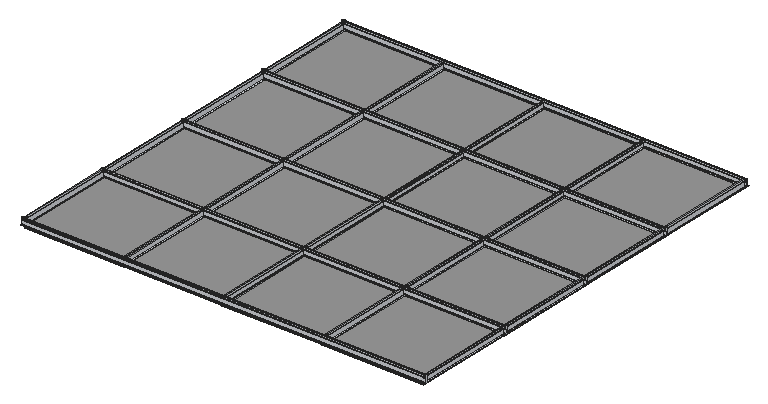
Revit family "GRD-TLE-001_RFA", category Modelos genéricos, Revit 2022
Family settings
  Puede alojar armadura = No
  Cota de conector redondo = Diámetro de uso
  Tipo de pieza = Normal
  Se basa en plano de trabajo = No
  Siempre vertical = Sí
  Corte con vacíos al cargar = No
  Mantener orientación de anotación = No
  Compartido = No
  Punto de cálculo de habitación = No
Parameters
  Elevación por defecto = 0.00"
Reference planes (in)
  plane 1 "Centro (Frontal/Posterior)": y = 0
  plane 2: z = 0
  plane 3 "Centro (Izquierda/Derecha)": x = 0
Forms (in)
  Extrusion 1, solid, not visible
    sketch origin (0, 0, 0) x (1, 0, 0) y (0, 1, 0)
      loop
        line (0, 2.25) -> (0, 0) -> (108, 0) -> (108, 2.25) -> (0, 2.25)
    from 0 to 8
  Extrusion 2, solid, not visible
    sketch origin (0, 0, 0) x (1, 0, 0) y (0, 1, 0)
      loop
        line (0, 2.25) -> (0, 0) -> (108, 0) -> (108, 2.25) -> (0, 2.25)
    from 0 to 8
  Extrusion 3, solid, not visible
    sketch origin (0, 8, 0) x (1, 0, 0) y (0, 1, 0)
      loop
        line (0, 2.25) -> (0, 0) -> (108, 0) -> (108, 2.25) -> (0, 2.25)
    from 0 to 8
  Extrusion 4, solid, not visible
    sketch origin (0, 16, 0) x (1, 0, 0) y (0, 1, 0)
      loop
        line (0, 2.25) -> (0, 0) -> (108, 0) -> (108, 2.25) -> (0, 2.25)
    from 0 to 8
  Extrusion 5, solid, not visible
    sketch origin (0, 24, 0) x (1, 0, 0) y (0, 1, 0)
      loop
        line (0, 2.25) -> (0, 0) -> (108, 0) -> (108, 2.25) -> (0, 2.25)
    from 0 to 8
  Extrusion 6, solid, not visible
    sketch origin (0, 32, 0) x (1, 0, 0) y (0, 1, 0)
      loop
        line (0, 2.25) -> (0, 0) -> (108, 0) -> (108, 2.25) -> (0, 2.25)
    from 0 to 8
  Extrusion 7, solid, not visible
    sketch origin (0, 40, 0) x (1, 0, 0) y (0, 1, 0)
      loop
        line (0, 2.25) -> (0, 0) -> (108, 0) -> (108, 2.25) -> (0, 2.25)
    from 0 to 8
  Extrusion 8, solid, not visible
    sketch origin (0, 48, 0) x (1, 0, 0) y (0, 1, 0)
      loop
        line (0, 2.25) -> (0, 0) -> (108, 0) -> (108, 2.25) -> (0, 2.25)
    from 0 to 8
  Extrusion 9, solid, not visible
    sketch origin (0, 56, 0) x (1, 0, 0) y (0, 1, 0)
      loop
        line (0, 2.25) -> (0, 0) -> (108, 0) -> (108, 2.25) -> (0, 2.25)
    from 0 to 8
  Extrusion 10, solid, not visible
    sketch origin (0, 64, 0) x (1, 0, 0) y (0, 1, 0)
      loop
        line (0, 2.25) -> (0, 0) -> (108, 0) -> (108, 2.25) -> (0, 2.25)
    from 0 to 8
  Extrusion 11, solid, not visible
    sketch origin (0, 72, 0) x (1, 0, 0) y (0, 1, 0)
      loop
        line (0, 2.25) -> (0, 0) -> (108, 0) -> (108, 2.25) -> (0, 2.25)
    from 0 to 8
  Extrusion 12, solid, not visible
    sketch origin (0, 80, 0) x (1, 0, 0) y (0, 1, 0)
      loop
        line (0, 2.25) -> (0, 0) -> (108, 0) -> (108, 2.25) -> (0, 2.25)
    from 0 to 8
  Extrusion 13, solid, not visible
    sketch origin (0, 88, 0) x (1, 0, 0) y (0, 1, 0)
      loop
        line (0, 2.25) -> (0, 0) -> (108, 0) -> (108, 2.25) -> (0, 2.25)
    from 0 to 8
  Extrusion 14, solid, not visible
    sketch origin (0, 96, 0) x (1, 0, 0) y (0, 1, 0)
      loop
        line (0, 2.25) -> (0, 0) -> (108, 0) -> (108, 2.25) -> (0, 2.25)
    from 0 to 8
  Extrusion 15, solid, not visible
    sketch origin (0, 104, 0) x (1, 0, 0) y (0, 1, 0)
      loop
        line (0, 2.25) -> (0, 0) -> (108, 0) -> (108, 2.25) -> (0, 2.25)
    from 0 to 8
  Extrusion 16, solid, not visible
    sketch origin (0, 112, 0) x (1, 0, 0) y (0, 1, 0)
      loop
        line (0, 2.25) -> (0, 0) -> (108, 0) -> (108, 2.25) -> (0, 2.25)
    from 0 to 8
  Extrusion 17, solid, not visible
    sketch origin (0, 120, 0) x (1, 0, 0) y (0, 1, 0)
      loop
        line (0, 2.25) -> (0, 0) -> (108, 0) -> (108, 2.25) -> (0, 2.25)
    from 0 to 8
  Extrusion 18, solid, not visible
    sketch origin (0, 128, 0) x (1, 0, 0) y (0, 1, 0)
      loop
        line (0, 2.25) -> (0, 0) -> (108, 0) -> (108, 2.25) -> (0, 2.25)
    from 0 to 8
  Extrusion 19, solid, not visible
    sketch origin (0, 136, 0) x (1, 0, 0) y (0, 1, 0)
      loop
        line (0, 2.25) -> (0, 0) -> (108, 0) -> (108, 2.25) -> (0, 2.25)
    from 0 to 8
  Extrusion 20, solid, not visible
    sketch origin (0, 144, 0) x (1, 0, 0) y (0, 1, 0)
      loop
        line (0, 2.25) -> (0, 0) -> (108, 0) -> (108, 2.25) -> (0, 2.25)
    from 0 to 8
  Extrusion 21, solid, not visible
    sketch origin (0, 152, 0) x (1, 0, 0) y (0, 1, 0)
      loop
        line (0, 2.25) -> (0, 0) -> (108, 0) -> (108, 2.25) -> (0, 2.25)
    from 0 to 8
  Extrusion 22, solid, not visible
    sketch origin (109, 0, 0) x (1, 0, 0) y (0, 1, 0)
      loop
        line (0, 2.25) -> (0, 0) -> (108, 0) -> (108, 2.25) -> (0, 2.25)
    from 0 to 8
  Extrusion 23, solid, not visible
    sketch origin (109, 8, 0) x (1, 0, 0) y (0, 1, 0)
      loop
        line (0, 2.25) -> (0, 0) -> (108, 0) -> (108, 2.25) -> (0, 2.25)
    from 0 to 8
  Extrusion 24, solid, not visible
    sketch origin (109, 16, 0) x (1, 0, 0) y (0, 1, 0)
      loop
        line (0, 2.25) -> (0, 0) -> (108, 0) -> (108, 2.25) -> (0, 2.25)
    from 0 to 8
  Extrusion 25, solid, not visible
    sketch origin (109, 24, 0) x (1, 0, 0) y (0, 1, 0)
      loop
        line (0, 2.25) -> (0, 0) -> (108, 0) -> (108, 2.25) -> (0, 2.25)
    from 0 to 8
  Extrusion 26, solid, not visible
    sketch origin (109, 32, 0) x (1, 0, 0) y (0, 1, 0)
      loop
        line (0, 2.25) -> (0, 0) -> (108, 0) -> (108, 2.25) -> (0, 2.25)
    from 0 to 8
  Extrusion 27, solid, not visible
    sketch origin (109, 40, 0) x (1, 0, 0) y (0, 1, 0)
      loop
        line (0, 2.25) -> (0, 0) -> (108, 0) -> (108, 2.25) -> (0, 2.25)
    from 0 to 8
  Extrusion 28, solid, not visible
    sketch origin (109, 48, 0) x (1, 0, 0) y (0, 1, 0)
      loop
        line (0, 2.25) -> (0, 0) -> (108, 0) -> (108, 2.25) -> (0, 2.25)
    from 0 to 8
  Extrusion 29, solid, not visible
    sketch origin (109, 56, 0) x (1, 0, 0) y (0, 1, 0)
      loop
        line (0, 2.25) -> (0, 0) -> (108, 0) -> (108, 2.25) -> (0, 2.25)
    from 0 to 8
  Extrusion 30, solid, not visible
    sketch origin (109, 64, 0) x (1, 0, 0) y (0, 1, 0)
      loop
        line (0, 2.25) -> (0, 0) -> (108, 0) -> (108, 2.25) -> (0, 2.25)
    from 0 to 8
  Extrusion 31, solid, not visible
    sketch origin (109, 72, 0) x (1, 0, 0) y (0, 1, 0)
      loop
        line (0, 2.25) -> (0, 0) -> (108, 0) -> (108, 2.25) -> (0, 2.25)
    from 0 to 8
  Extrusion 32, solid, not visible
    sketch origin (109, 80, 0) x (1, 0, 0) y (0, 1, 0)
      loop
        line (0, 2.25) -> (0, 0) -> (108, 0) -> (108, 2.25) -> (0, 2.25)
    from 0 to 8
  Extrusion 33, solid, not visible
    sketch origin (109, 88, 0) x (1, 0, 0) y (0, 1, 0)
      loop
        line (0, 2.25) -> (0, 0) -> (108, 0) -> (108, 2.25) -> (0, 2.25)
    from 0 to 8
  Extrusion 34, solid, not visible
    sketch origin (109, 96, 0) x (1, 0, 0) y (0, 1, 0)
      loop
        line (0, 2.25) -> (0, 0) -> (108, 0) -> (108, 2.25) -> (0, 2.25)
    from 0 to 8
  Extrusion 35, solid, not visible
    sketch origin (109, 104, 0) x (1, 0, 0) y (0, 1, 0)
      loop
        line (0, 2.25) -> (0, 0) -> (108, 0) -> (108, 2.25) -> (0, 2.25)
    from 0 to 8
  Extrusion 36, solid, not visible
    sketch origin (109, 112, 0) x (1, 0, 0) y (0, 1, 0)
      loop
        line (0, 2.25) -> (0, 0) -> (108, 0) -> (108, 2.25) -> (0, 2.25)
    from 0 to 8
  Extrusion 37, solid, not visible
    sketch origin (109, 120, 0) x (1, 0, 0) y (0, 1, 0)
      loop
        line (0, 2.25) -> (0, 0) -> (108, 0) -> (108, 2.25) -> (0, 2.25)
    from 0 to 8
  Extrusion 38, solid, not visible
    sketch origin (109, 128, 0) x (1, 0, 0) y (0, 1, 0)
      loop
        line (0, 2.25) -> (0, 0) -> (108, 0) -> (108, 2.25) -> (0, 2.25)
    from 0 to 8
  Extrusion 39, solid, not visible
    sketch origin (109, 136, 0) x (1, 0, 0) y (0, 1, 0)
      loop
        line (0, 2.25) -> (0, 0) -> (108, 0) -> (108, 2.25) -> (0, 2.25)
    from 0 to 8
  Extrusion 40, solid, not visible
    sketch origin (109, 144, 0) x (1, 0, 0) y (0, 1, 0)
      loop
        line (0, 2.25) -> (0, 0) -> (108, 0) -> (108, 2.25) -> (0, 2.25)
    from 0 to 8
  Extrusion 41, solid, not visible
    sketch origin (109, 152, 0) x (1, 0, 0) y (0, 1, 0)
      loop
        line (0, 2.25) -> (0, 0) -> (108, 0) -> (108, 2.25) -> (0, 2.25)
    from 0 to 8
  Extrusion 42, solid, not visible
    sketch origin (-108, 0, 0) x (1, 0, 0) y (0, 1, 0)
      loop
        line (0, 2.25) -> (0, 0) -> (108, 0) -> (108, 2.25) -> (0, 2.25)
    from 0 to 8
  Extrusion 43, solid, not visible
    sketch origin (-108, 8, 0) x (1, 0, 0) y (0, 1, 0)
      loop
        line (0, 2.25) -> (0, 0) -> (108, 0) -> (108, 2.25) -> (0, 2.25)
    from 0 to 8
  Extrusion 44, solid, not visible
    sketch origin (-108, 16, 0) x (1, 0, 0) y (0, 1, 0)
      loop
        line (0, 2.25) -> (0, 0) -> (108, 0) -> (108, 2.25) -> (0, 2.25)
    from 0 to 8
  Extrusion 45, solid, not visible
    sketch origin (-108, 24, 0) x (1, 0, 0) y (0, 1, 0)
      loop
        line (0, 2.25) -> (0, 0) -> (108, 0) -> (108, 2.25) -> (0, 2.25)
    from 0 to 8
  Extrusion 46, solid, not visible
    sketch origin (-108, 32, 0) x (1, 0, 0) y (0, 1, 0)
      loop
        line (0, 2.25) -> (0, 0) -> (108, 0) -> (108, 2.25) -> (0, 2.25)
    from 0 to 8
  Extrusion 47, solid, not visible
    sketch origin (-108, 40, 0) x (1, 0, 0) y (0, 1, 0)
      loop
        line (0, 2.25) -> (0, 0) -> (108, 0) -> (108, 2.25) -> (0, 2.25)
    from 0 to 8
  Extrusion 48, solid, not visible
    sketch origin (1, 0, 0) x (1, 0, 0) y (0, 1, 0)
      loop
        line (0, 2.25) -> (0, 0) -> (108, 0) -> (108, 2.25) -> (0, 2.25)
    from 0 to 8
  Extrusion 49, solid, not visible
    sketch origin (1, 8, 0) x (1, 0, 0) y (0, 1, 0)
      loop
        line (0, 2.25) -> (0, 0) -> (108, 0) -> (108, 2.25) -> (0, 2.25)
    from 0 to 8
  Extrusion 50, solid, not visible
    sketch origin (1, 16, 0) x (1, 0, 0) y (0, 1, 0)
      loop
        line (0, 2.25) -> (0, 0) -> (108, 0) -> (108, 2.25) -> (0, 2.25)
    from 0 to 8
  Extrusion 51, solid, not visible
    sketch origin (1, 24, 0) x (1, 0, 0) y (0, 1, 0)
      loop
        line (0, 2.25) -> (0, 0) -> (108, 0) -> (108, 2.25) -> (0, 2.25)
    from 0 to 8
  Extrusion 52, solid, not visible
    sketch origin (1, 32, 0) x (1, 0, 0) y (0, 1, 0)
      loop
        line (0, 2.25) -> (0, 0) -> (108, 0) -> (108, 2.25) -> (0, 2.25)
    from 0 to 8
  Extrusion 53, solid, not visible
    sketch origin (1, 40, 0) x (1, 0, 0) y (0, 1, 0)
      loop
        line (0, 2.25) -> (0, 0) -> (108, 0) -> (108, 2.25) -> (0, 2.25)
    from 0 to 8
  Extrusion 54, solid, not visible
    sketch origin (-108, 48, 0) x (1, 0, 0) y (0, 1, 0)
      loop
        line (0, 2.25) -> (0, 0) -> (108, 0) -> (108, 2.25) -> (0, 2.25)
    from 0 to 8
  Extrusion 55, solid, not visible
    sketch origin (-108, 56, 0) x (1, 0, 0) y (0, 1, 0)
      loop
        line (0, 2.25) -> (0, 0) -> (108, 0) -> (108, 2.25) -> (0, 2.25)
    from 0 to 8
  Extrusion 56, solid, not visible
    sketch origin (-108, 64, 0) x (1, 0, 0) y (0, 1, 0)
      loop
        line (0, 2.25) -> (0, 0) -> (108, 0) -> (108, 2.25) -> (0, 2.25)
    from 0 to 8
  Extrusion 57, solid, not visible
    sketch origin (-108, 72, 0) x (1, 0, 0) y (0, 1, 0)
      loop
        line (0, 2.25) -> (0, 0) -> (108, 0) -> (108, 2.25) -> (0, 2.25)
    from 0 to 8
  Extrusion 58, solid, not visible
    sketch origin (-108, 80, 0) x (1, 0, 0) y (0, 1, 0)
      loop
        line (0, 2.25) -> (0, 0) -> (108, 0) -> (108, 2.25) -> (0, 2.25)
    from 0 to 8
  Extrusion 59, solid, not visible
    sketch origin (1, 48, 0) x (1, 0, 0) y (0, 1, 0)
      loop
        line (0, 2.25) -> (0, 0) -> (108, 0) -> (108, 2.25) -> (0, 2.25)
    from 0 to 8
  Extrusion 60, solid, not visible
    sketch origin (1, 56, 0) x (1, 0, 0) y (0, 1, 0)
      loop
        line (0, 2.25) -> (0, 0) -> (108, 0) -> (108, 2.25) -> (0, 2.25)
    from 0 to 8
  Extrusion 61, solid, not visible
    sketch origin (1, 64, 0) x (1, 0, 0) y (0, 1, 0)
      loop
        line (0, 2.25) -> (0, 0) -> (108, 0) -> (108, 2.25) -> (0, 2.25)
    from 0 to 8
  Extrusion 62, solid, not visible
    sketch origin (1, 72, 0) x (1, 0, 0) y (0, 1, 0)
      loop
        line (0, 2.25) -> (0, 0) -> (108, 0) -> (108, 2.25) -> (0, 2.25)
    from 0 to 8
  Extrusion 63, solid, not visible
    sketch origin (1, 80, 0) x (1, 0, 0) y (0, 1, 0)
      loop
        line (0, 2.25) -> (0, 0) -> (108, 0) -> (108, 2.25) -> (0, 2.25)
    from 0 to 8
  Extrusion 64, solid, not visible
    sketch origin (-108, 88, 0) x (1, 0, 0) y (0, 1, 0)
      loop
        line (0, 2.25) -> (0, 0) -> (108, 0) -> (108, 2.25) -> (0, 2.25)
    from 0 to 8
  Extrusion 65, solid, not visible
    sketch origin (-108, 96, 0) x (1, 0, 0) y (0, 1, 0)
      loop
        line (0, 2.25) -> (0, 0) -> (108, 0) -> (108, 2.25) -> (0, 2.25)
    from 0 to 8
  Extrusion 66, solid, not visible
    sketch origin (-108, 104, 0) x (1, 0, 0) y (0, 1, 0)
      loop
        line (0, 2.25) -> (0, 0) -> (108, 0) -> (108, 2.25) -> (0, 2.25)
    from 0 to 8
  Extrusion 67, solid, not visible
    sketch origin (-108, 112, 0) x (1, 0, 0) y (0, 1, 0)
      loop
        line (0, 2.25) -> (0, 0) -> (108, 0) -> (108, 2.25) -> (0, 2.25)
    from 0 to 8
  Extrusion 68, solid, not visible
    sketch origin (-108, 120, 0) x (1, 0, 0) y (0, 1, 0)
      loop
        line (0, 2.25) -> (0, 0) -> (108, 0) -> (108, 2.25) -> (0, 2.25)
    from 0 to 8
  Extrusion 69, solid, not visible
    sketch origin (1, 88, 0) x (1, 0, 0) y (0, 1, 0)
      loop
        line (0, 2.25) -> (0, 0) -> (108, 0) -> (108, 2.25) -> (0, 2.25)
    from 0 to 8
  Extrusion 70, solid, not visible
    sketch origin (1, 96, 0) x (1, 0, 0) y (0, 1, 0)
      loop
        line (0, 2.25) -> (0, 0) -> (108, 0) -> (108, 2.25) -> (0, 2.25)
    from 0 to 8
  Extrusion 71, solid, not visible
    sketch origin (1, 104, 0) x (1, 0, 0) y (0, 1, 0)
      loop
        line (0, 2.25) -> (0, 0) -> (108, 0) -> (108, 2.25) -> (0, 2.25)
    from 0 to 8
  Extrusion 72, solid, not visible
    sketch origin (1, 112, 0) x (1, 0, 0) y (0, 1, 0)
      loop
        line (0, 2.25) -> (0, 0) -> (108, 0) -> (108, 2.25) -> (0, 2.25)
    from 0 to 8
  Extrusion 73, solid, not visible
    sketch origin (1, 120, 0) x (1, 0, 0) y (0, 1, 0)
      loop
        line (0, 2.25) -> (0, 0) -> (108, 0) -> (108, 2.25) -> (0, 2.25)
    from 0 to 8
  Extrusion 74, solid, not visible
    sketch origin (-108, 128, 0) x (1, 0, 0) y (0, 1, 0)
      loop
        line (0, 2.25) -> (0, 0) -> (108, 0) -> (108, 2.25) -> (0, 2.25)
    from 0 to 8
  Extrusion 75, solid, not visible
    sketch origin (-108, 136, 0) x (1, 0, 0) y (0, 1, 0)
      loop
        line (0, 2.25) -> (0, 0) -> (108, 0) -> (108, 2.25) -> (0, 2.25)
    from 0 to 8
  Extrusion 76, solid, not visible
    sketch origin (-108, 144, 0) x (1, 0, 0) y (0, 1, 0)
      loop
        line (0, 2.25) -> (0, 0) -> (108, 0) -> (108, 2.25) -> (0, 2.25)
    from 0 to 8
  Extrusion 77, solid, not visible
    sketch origin (-108, 152, 0) x (1, 0, 0) y (0, 1, 0)
      loop
        line (0, 2.25) -> (0, 0) -> (108, 0) -> (108, 2.25) -> (0, 2.25)
    from 0 to 8
  Extrusion 78, solid, not visible
    sketch origin (-108, 160, 0) x (1, 0, 0) y (0, 1, 0)
      loop
        line (0, 2.25) -> (0, 0) -> (108, 0) -> (108, 2.25) -> (0, 2.25)
    from 0 to 8
  Extrusion 79, solid, not visible
    sketch origin (1, 128, 0) x (1, 0, 0) y (0, 1, 0)
      loop
        line (0, 2.25) -> (0, 0) -> (108, 0) -> (108, 2.25) -> (0, 2.25)
    from 0 to 8
  Extrusion 80, solid, not visible
    sketch origin (1, 136, 0) x (1, 0, 0) y (0, 1, 0)
      loop
        line (0, 2.25) -> (0, 0) -> (108, 0) -> (108, 2.25) -> (0, 2.25)
    from 0 to 8
  Extrusion 81, solid, not visible
    sketch origin (1, 144, 0) x (1, 0, 0) y (0, 1, 0)
      loop
        line (0, 2.25) -> (0, 0) -> (108, 0) -> (108, 2.25) -> (0, 2.25)
    from 0 to 8
  Extrusion 82, solid, not visible
    sketch origin (1, 152, 0) x (1, 0, 0) y (0, 1, 0)
      loop
        line (0, 2.25) -> (0, 0) -> (108, 0) -> (108, 2.25) -> (0, 2.25)
    from 0 to 8
  Extrusion 83, solid, not visible
    sketch origin (1, 160, 0) x (1, 0, 0) y (0, 1, 0)
      loop
        line (0, 2.25) -> (0, 0) -> (108, 0) -> (108, 2.25) -> (0, 2.25)
    from 0 to 8
  Extrusion 84, solid, not visible
    sketch origin (0, 0, 0) x (1, 0, 0) y (0, 1, 0)
      loop
        line (0, 3) -> (0, 0) -> (108, 0) -> (108, 3) -> (0, 3)
    from 0 to 8
  Extrusion 85, void, not visible
    sketch origin (0, 0, 0) x (1, 0, 0) y (0, 1, 0)
      loop
        line (6, 2) -> (6, 1) -> (66, 1) -> (66, 2) -> (6, 2)
    from 0 to 1.03
  Extrusion 86, solid, not visible
    sketch origin (0, 0, 0) x (1, 0, 0) y (0, 1, 0)
      loop
        line (0, 3) -> (0, 0) -> (108, 0) -> (108, 3) -> (0, 3)
    from 0 to 8
  Extrusion 87, void, not visible
    sketch origin (0, 0, 0) x (1, 0, 0) y (0, 1, 0)
      loop
        line (6, 2) -> (6, 1) -> (66, 1) -> (66, 2) -> (6, 2)
    from 0 to 1.03
  Extrusion 88, solid, not visible
    sketch origin (0, 0, 0) x (1, 0, 0) y (0, 1, 0)
      loop
        line (6, 2) -> (6, 1) -> (66, 1) -> (66, 2) -> (6, 2)
    from 0 to 1.03
  Extrusion 89, solid, not visible
    sketch origin (0, 32, 0) x (1, 0, 0) y (0, 1, 0)
      loop
        line (0, 3) -> (0, 0) -> (108, 0) -> (108, 3) -> (0, 3)
    from 0 to 8
  Extrusion 90, void, not visible
    sketch origin (0, 32, 0) x (1, 0, 0) y (0, 1, 0)
      loop
        line (6, 2) -> (6, 1) -> (102, 1) -> (102, 2) -> (6, 2)
    from 0 to 1.03
  Extrusion 91, solid, not visible
    sketch origin (8.95842, -18.67436, 0) x (1, 0, 0) y (0, 1, 0)
      loop
        line (-8.48642, 97.64679) -> (-8.48642, 97.17436) -> (98.56914, 97.17436) -> (98.56914, 97.64679) -> (-8.48642, 97.64679)
    from 0.59055 to 8
  Extrusion 92, solid, not visible
    sketch origin (8.95842, -16.6468, 0) x (1, 0, 0) y (0, 1, 0)
      loop
        line (-8.48642, 97.64679) -> (-8.48642, 97.17436) -> (98.56914, 97.17436) -> (98.56914, 97.64679) -> (-8.48642, 97.64679)
    from 0.59055 to 8
  Extrusion 93, solid, not visible
    sketch origin (60.46912, 110.28574, 0) x (1, 0, 0) y (0, 1, 0)
      loop
        line (45.03088, -29.28574) -> (-57.96911, -29.28574) -> (-57.96911, -31.78574) -> (45.03088, -31.78574) -> (45.03088, -29.28574)
      loop
        line (23.78088, -31.03574) -> (41.78088, -31.03574) -> (41.78088, -30.03574) -> (23.78088, -30.03574) -> (23.78088, -31.03574)
      loop
        line (-54.71912, -31.03574) -> (-36.71912, -31.03574) -> (-36.71912, -30.03574) -> (-54.71912, -30.03574) -> (-54.71912, -31.03574)
    from 0 to 0.59055
  Extrusion 94, solid, not visible
    sketch origin (108, 51.5, 0) x (0, 1, 0) y (-1, 0, 0)
      loop
        line (27.75, 102.25) -> (27.75, 84.25) -> (28.75, 84.25) -> (28.75, 102.25) -> (27.75, 102.25)
    from 0 to 1
  Extrusion 95, solid, not visible
    sketch origin (186.5, 51.5, 0) x (0, 1, 0) y (-1, 0, 0)
      loop
        line (27.75, 102.25) -> (27.75, 84.25) -> (28.75, 84.25) -> (28.75, 102.25) -> (27.75, 102.25)
    from 0 to 1
  Extrusion 96, solid, not visible
    sketch origin (8.95842, -44.42438, 0) x (1, 0, 0) y (0, 1, 0)
      loop
        line (-8.48642, 97.64679) -> (-8.48642, 97.17436) -> (98.56914, 97.17436) -> (98.56914, 97.64679) -> (-8.48642, 97.64679)
    from 0.59055 to 8
  Extrusion 97, solid, not visible
    sketch origin (8.95842, -42.39682, 0) x (1, 0, 0) y (0, 1, 0)
      loop
        line (-8.48642, 97.64679) -> (-8.48642, 97.17436) -> (98.56914, 97.17436) -> (98.56914, 97.64679) -> (-8.48642, 97.64679)
    from 0.59055 to 8
  Extrusion 98, solid, not visible
    sketch origin (60.46912, 84.53571, 0) x (1, 0, 0) y (0, 1, 0)
      loop
        line (45.03088, -29.28574) -> (-57.96911, -29.28574) -> (-57.96911, -31.78574) -> (45.03088, -31.78574) -> (45.03088, -29.28574)
      loop
        line (-28.96912, -31.03574) -> (-10.96912, -31.03574) -> (-10.96912, -30.03574) -> (-28.96912, -30.03574) -> (-28.96912, -31.03574)
      loop
        line (-3.21912, -31.03571) -> (14.78088, -31.03571) -> (14.78088, -30.03571) -> (-3.21912, -30.03571) -> (-3.21912, -31.03571)
    from 0 to 0.59055
  Extrusion 99, solid, not visible
    sketch origin (133.74998, 25.74998, 0) x (0, 1, 0) y (-1, 0, 0)
      loop
        line (27.75, 102.25) -> (27.75, 84.25) -> (28.75, 84.25) -> (28.75, 102.25) -> (27.75, 102.25)
    from 0 to 1
  Extrusion 100, solid, not visible
    sketch origin (159.49998, 25.74998, 0) x (0, 1, 0) y (-1, 0, 0)
      loop
        line (27.75, 102.25) -> (27.75, 84.25) -> (28.75, 84.25) -> (28.75, 102.25) -> (27.75, 102.25)
    from 0 to 1
  Extrusion 101, solid, not visible
    sketch origin (8.95842, -70.17436, 0) x (1, 0, 0) y (0, 1, 0)
      loop
        line (-8.48642, 97.64679) -> (-8.48642, 97.17436) -> (98.56914, 97.17436) -> (98.56914, 97.64679) -> (-8.48642, 97.64679)
    from 0.59055 to 8
  Extrusion 102, solid, not visible
    sketch origin (8.95842, -68.1468, 0) x (1, 0, 0) y (0, 1, 0)
      loop
        line (-8.48642, 97.64679) -> (-8.48642, 97.17436) -> (98.56914, 97.17436) -> (98.56914, 97.64679) -> (-8.48642, 97.64679)
    from 0.59055 to 8
  Extrusion 103, solid, not visible
    sketch origin (60.46912, 58.78574, 0) x (1, 0, 0) y (0, 1, 0)
      loop
        line (45.03088, -29.28574) -> (-57.96911, -29.28574) -> (-57.96911, -31.78574) -> (45.03088, -31.78574) -> (45.03088, -29.28574)
      loop
        line (23.78088, -31.03574) -> (41.78088, -31.03574) -> (41.78088, -30.03574) -> (23.78088, -30.03574) -> (23.78088, -31.03574)
      loop
        line (-54.71912, -31.03574) -> (-36.71912, -31.03574) -> (-36.71912, -30.03574) -> (-54.71912, -30.03574) -> (-54.71912, -31.03574)
    from 0 to 0.59055
  Extrusion 104, solid, not visible
    sketch origin (108, 0, 0) x (0, 1, 0) y (-1, 0, 0)
      loop
        line (27.75, 102.25) -> (27.75, 84.25) -> (28.75, 84.25) -> (28.75, 102.25) -> (27.75, 102.25)
    from 0 to 1
  Extrusion 105, solid, not visible
    sketch origin (186.5, 0, 0) x (0, 1, 0) y (-1, 0, 0)
      loop
        line (27.75, 102.25) -> (27.75, 84.25) -> (28.75, 84.25) -> (28.75, 102.25) -> (27.75, 102.25)
    from 0 to 1
  Extrusion 106, solid, not visible
    sketch origin (-70.17436, 99.04114, 0) x (0, -1, 0) y (1, 0, 0)
      loop
        line (-8.48642, 97.64679) -> (-8.48642, 97.17436) -> (98.56914, 97.17436) -> (98.56914, 97.64679) -> (-8.48642, 97.64679)
    from 0.59055 to 8
  Extrusion 107, solid, not visible
    sketch origin (-68.1468, 99.04114, 0) x (0, -1, 0) y (1, 0, 0)
      loop
        line (-8.48642, 97.64679) -> (-8.48642, 97.17436) -> (98.56914, 97.17436) -> (98.56914, 97.64679) -> (-8.48642, 97.64679)
    from 0.59055 to 8
  Extrusion 108, solid, not visible
    sketch origin (-2.28571, 86.21912, 0) x (0, 1, 0) y (-1, 0, 0)
      loop
        line (19.28088, -29.28574) -> (-83.71912, -29.28574) -> (-83.71912, -31.78574) -> (19.28088, -31.78574) -> (19.28088, -29.28574)
      loop
        line (16.03088, -31.03571) -> (16.03088, -30.03571) -> (-1.96912, -30.03571) -> (-1.96912, -31.03571) -> (16.03088, -31.03571)
      loop
        line (-62.46912, -31.03571) -> (-62.46912, -30.03571) -> (-80.46912, -30.03571) -> (-80.46912, -31.03571) -> (-62.46912, -31.03571)
    from 0 to 0.59055
  Extrusion 109, solid, not visible
    sketch origin (0, 0, 0) x (1, 0, 0) y (0, 1, 0)
      loop
        line (27.75, 102.25) -> (27.75, 84.25) -> (28.75, 84.25) -> (28.75, 102.25) -> (27.75, 102.25)
    from 0 to 1
  Extrusion 110, solid, not visible
    sketch origin (0, -78.5, 0) x (1, 0, 0) y (0, 1, 0)
      loop
        line (27.75, 102.25) -> (27.75, 84.25) -> (28.75, 84.25) -> (28.75, 102.25) -> (27.75, 102.25)
    from 0 to 1
  Extrusion 111, solid, not visible
    sketch origin (-44.89438, 99.04114, 0) x (0, -1, 0) y (1, 0, 0)
      loop
        line (-8.48642, 97.64679) -> (-8.48642, 97.17436) -> (98.56914, 97.17436) -> (98.56914, 97.64679) -> (-8.48642, 97.64679)
    from 0.59055 to 8
  Extrusion 112, solid, not visible
    sketch origin (-42.39682, 99.04114, 0) x (0, -1, 0) y (1, 0, 0)
      loop
        line (-8.48642, 97.64679) -> (-8.48642, 97.17436) -> (98.56914, 97.17436) -> (98.56914, 97.64679) -> (-8.48642, 97.64679)
    from 0.59055 to 8
  Extrusion 113, solid, not visible
    sketch origin (23.46427, 86.21912, 0) x (0, 1, 0) y (-1, 0, 0)
      loop
        line (19.28088, -28.81571) -> (-83.71912, -28.81571) -> (-83.71912, -31.78574) -> (19.28088, -31.78574) -> (19.28088, -28.81571)
      loop
        line (-28.96912, -29.78573) -> (-28.96912, -30.78571) -> (-10.96912, -30.78571) -> (-10.96912, -29.78573) -> (-28.96912, -29.78573)
      loop
        line (-54.71914, -29.78573) -> (-54.71914, -30.78573) -> (-36.71914, -30.78573) -> (-36.71914, -29.78573) -> (-54.71914, -29.78573)
    from 0 to 0.59055
  Extrusion 114, solid, not visible
    sketch origin (25.74998, -27, 0) x (1, 0, 0) y (0, 1, 0)
      loop
        line (27.50002, 102.25) -> (27.50002, 84.25) -> (28.5, 84.25) -> (28.5, 102.25) -> (27.50002, 102.25)
    from 0 to 1
  Extrusion 115, solid, not visible
    sketch origin (25.74998, -52.75002, 0) x (1, 0, 0) y (0, 1, 0)
      loop
        line (27.50002, 102.25) -> (27.50002, 84.25) -> (28.50002, 84.25) -> (28.50002, 102.25) -> (27.50002, 102.25)
    from 0 to 1
  Extrusion 116, solid, not visible
    sketch origin (-18.67436, 99.04114, 0) x (0, -1, 0) y (1, 0, 0)
      loop
        line (-8.48642, 97.64679) -> (-8.48642, 97.17436) -> (98.56914, 97.17436) -> (98.56914, 97.64679) -> (-8.48642, 97.64679)
    from 0.59055 to 8
  Extrusion 117, solid, not visible
    sketch origin (-16.6468, 99.04114, 0) x (0, -1, 0) y (1, 0, 0)
      loop
        line (-8.48642, 97.64679) -> (-8.48642, 97.17436) -> (98.56914, 97.17436) -> (98.56914, 97.64679) -> (-8.48642, 97.64679)
    from 0.59055 to 8
  Extrusion 118, solid, not visible
    sketch origin (49.21426, 86.21912, 0) x (0, 1, 0) y (-1, 0, 0)
      loop
        line (19.28088, -29.28574) -> (-83.71912, -29.28574) -> (-83.71912, -31.78574) -> (19.28088, -31.78574) -> (19.28088, -29.28574)
      loop
        line (16.03088, -31.03571) -> (16.03088, -30.03571) -> (-1.96912, -30.03571) -> (-1.96912, -31.03571) -> (16.03088, -31.03571)
      loop
        line (-62.46912, -31.03571) -> (-62.46912, -30.03571) -> (-80.46912, -30.03571) -> (-80.46912, -31.03571) -> (-62.46912, -31.03571)
    from 0 to 0.59055
  Extrusion 119, solid, not visible
    sketch origin (51.49997, 0, 0) x (1, 0, 0) y (0, 1, 0)
      loop
        line (27.75, 102.25) -> (27.75, 84.25) -> (28.75, 84.25) -> (28.75, 102.25) -> (27.75, 102.25)
    from 0 to 1
  Extrusion 120, solid, not visible
    sketch origin (51.49997, -78.5, 0) x (1, 0, 0) y (0, 1, 0)
      loop
        line (27.75, 102.25) -> (27.75, 84.25) -> (28.75, 84.25) -> (28.75, 102.25) -> (27.75, 102.25)
    from 0 to 1
  Extrusion 121, solid, not visible
    sketch origin (10.23509, 91.82771, 0) x (0, -1, 0) y (1, 0, 0)
      loop
        line (-16.17229, 97.76491) -> (-15.69986, 97.29248) -> (91.35527, 97.29248) -> (91.82771, 97.76491) -> (-16.17229, 97.76491)
    from 0.59055 to 8
  Extrusion 122, solid, not visible
    sketch origin (137.28574, 61.88413, 0) x (0, 1, 0) y (-1, 0, 0)
      loop
        line (46.11587, 29.28574) -> (43.61587, 31.78574) -> (-59.38412, 31.78574) -> (-61.88412, 29.28574) -> (46.11587, 29.28574)
    from 0 to 0.59055
  Extrusion 123, solid, not visible
    sketch origin (8.20754, 91.82771, 0) x (0, -1, 0) y (1, 0, 0)
      loop
        line (-14.14474, 97.76491) -> (-13.67231, 97.29248) -> (89.32772, 97.29248) -> (89.80016, 97.76491) -> (-14.14474, 97.76491)
    from 0.59055 to 8.22418
  Extrusion 124, solid, not visible
    sketch origin (18.95842, 10.23509, 0) x (1, 0, 0) y (0, 1, 0)
      loop
        line (-18.95842, 97.76491) -> (-18.48598, 97.29247) -> (88.56914, 97.29247) -> (89.04158, 97.76491) -> (-18.95842, 97.76491)
    from 0.59055 to 8
  Extrusion 125, solid, not visible
    sketch origin (61.88413, 137.28574, 0) x (1, 0, 0) y (0, 1, 0)
      loop
        line (46.11587, -29.28574) -> (-61.88412, -29.28574) -> (-59.38412, -31.78574) -> (43.61587, -31.78574) -> (46.11587, -29.28574)
    from 0 to 0.59055
  Extrusion 126, solid, not visible
    sketch origin (18.95842, 8.20753, 0) x (1, 0, 0) y (0, 1, 0)
      loop
        line (-16.93086, 97.76491) -> (-16.45842, 97.29247) -> (86.54158, 97.29247) -> (87.01402, 97.76491) -> (-16.93086, 97.76491)
    from 0.59055 to 8
  Extrusion 127, solid, not visible
    sketch origin (-101.24865, 87.31603, 0) x (0, -1, 0) y (1, 0, 0)
      loop
        line (-20.21152, 101.72109) -> (-20.68397, 101.24865) -> (87.31604, 101.24865) -> (86.84359, 101.72109) -> (-20.21152, 101.72109)
    from 0.47244 to 8
  Extrusion 128, solid, not visible
    sketch origin (-29.28573, 61.88413, 0) x (0, 1, 0) y (-1, 0, 0)
      loop
        line (46.11587, -29.28574) -> (-61.88412, -29.28574) -> (-59.38412, -31.78574) -> (43.61587, -31.78574) -> (46.11587, -29.28574)
    from 0 to 0.59055
  Extrusion 129, solid, not visible
    sketch origin (-99.22109, 87.31603, 0) x (0, -1, 0) y (1, 0, 0)
      loop
        line (-18.18396, 101.72109) -> (-18.65641, 101.24865) -> (85.28848, 101.24865) -> (84.81603, 101.72109) -> (-18.18396, 101.72109)
    from 0.47244 to 8
  Extrusion 130, solid, not visible
    sketch origin (61.88413, -29.28574, 0) x (1, 0, 0) y (0, 1, 0)
      loop
        line (46.11587, 29.28574) -> (43.61587, 31.78574) -> (-59.38412, 31.78574) -> (-61.88412, 29.28574) -> (46.11587, 29.28574)
    from 0 to 0.47244
  Extrusion 131, solid, not visible
    sketch origin (8.95842, -97.17435, 0) x (1, 0, 0) y (0, 1, 0)
      loop
        line (-8.48598, 97.64679) -> (-8.95842, 97.17436) -> (99.04157, 97.17436) -> (98.56914, 97.64679) -> (-8.48598, 97.64679)
    from 0.59055 to 8
  Extrusion 132, solid, not visible
    sketch origin (8.95842, -95.14679, 0) x (1, 0, 0) y (0, 1, 0)
      loop
        line (-6.45842, 97.64679) -> (-6.93085, 97.17436) -> (97.01401, 97.17436) -> (96.54158, 97.64679) -> (-6.45842, 97.64679)
    from 0.59055 to 8
  Extrusion 133, solid, not visible
    sketch origin (61.88413, -29.28574, 0) x (1, 0, 0) y (0, 1, 0)
      loop
        line (46.11587, 29.28574) -> (43.61587, 31.78574) -> (-59.38412, 31.78574) -> (-61.88412, 29.28574) -> (46.11587, 29.28574)
    from 0 to 0.47244
  Extrusion 134, solid, not visible
    sketch origin (18.95842, 10.23509, 0) x (1, 0, 0) y (0, 1, 0)
      loop
        line (-18.95842, 97.76491) -> (-18.48598, 97.29247) -> (88.56914, 97.29247) -> (89.04158, 97.76491) -> (-18.95842, 97.76491)
    from 0.59055 to 8
  Extrusion 135, solid, not visible
    sketch origin (8.95842, -97.17435, 0) x (1, 0, 0) y (0, 1, 0)
      loop
        line (-8.48598, 97.64679) -> (-8.95842, 97.17436) -> (99.04157, 97.17436) -> (98.56914, 97.64679) -> (-8.48598, 97.64679)
    from 0.59055 to 8
  Extrusion 136, solid, not visible
    sketch origin (10.23509, 91.82771, 0) x (0, -1, 0) y (1, 0, 0)
      loop
        line (-16.17229, 97.76491) -> (-15.69986, 97.29248) -> (91.35527, 97.29248) -> (91.82771, 97.76491) -> (-16.17229, 97.76491)
    from 0.59055 to 8
  Extrusion 137, solid, not visible
    sketch origin (-101.24865, 87.31603, 0) x (0, -1, 0) y (1, 0, 0)
      loop
        line (-20.21152, 101.72109) -> (-20.68397, 101.24865) -> (87.31604, 101.24865) -> (86.84359, 101.72109) -> (-20.21152, 101.72109)
    from 0.47244 to 8
  Extrusion 138, solid, not visible
    sketch origin (61.88413, 137.28574, 0) x (1, 0, 0) y (0, 1, 0)
      loop
        line (46.11587, -29.28574) -> (-61.88412, -29.28574) -> (-59.38412, -31.78574) -> (43.61587, -31.78574) -> (46.11587, -29.28574)
    from 0 to 0.59055
  Extrusion 139, solid, not visible
    sketch origin (-29.28573, 61.88413, 0) x (0, 1, 0) y (-1, 0, 0)
      loop
        line (46.11587, -29.28574) -> (-61.88412, -29.28574) -> (-59.38412, -31.78574) -> (43.61587, -31.78574) -> (46.11587, -29.28574)
    from 0 to 0.59055
  Extrusion 140, solid, not visible
    sketch origin (137.28574, 61.88413, 0) x (0, 1, 0) y (-1, 0, 0)
      loop
        line (46.11587, 29.28574) -> (43.61587, 31.78574) -> (-59.38412, 31.78574) -> (-61.88412, 29.28574) -> (46.11587, 29.28574)
    from 0 to 0.59055
  Extrusion 141, solid, not visible
    sketch origin (8.95842, -95.14679, 0) x (1, 0, 0) y (0, 1, 0)
      loop
        line (-6.45842, 97.64679) -> (-6.93085, 97.17436) -> (97.01401, 97.17436) -> (96.54158, 97.64679) -> (-6.45842, 97.64679)
    from 0.59055 to 8
  Extrusion 142, solid, not visible
    sketch origin (-99.22109, 87.31603, 0) x (0, -1, 0) y (1, 0, 0)
      loop
        line (-18.18396, 101.72109) -> (-18.65641, 101.24865) -> (85.28848, 101.24865) -> (84.81603, 101.72109) -> (-18.18396, 101.72109)
    from 0.47244 to 8
  Extrusion 143, solid, not visible
    sketch origin (18.95842, 8.20753, 0) x (1, 0, 0) y (0, 1, 0)
      loop
        line (-16.93086, 97.76491) -> (-16.45842, 97.29247) -> (86.54158, 97.29247) -> (87.01402, 97.76491) -> (-16.93086, 97.76491)
    from 0.59055 to 8
  Extrusion 144, solid, not visible
    sketch origin (8.20754, 91.82771, 0) x (0, -1, 0) y (1, 0, 0)
      loop
        line (-14.14474, 97.76491) -> (-13.67231, 97.29248) -> (89.32772, 97.29248) -> (89.80016, 97.76491) -> (-14.14474, 97.76491)
    from 0.59055 to 8.22418
  Extrusion 145, solid, not visible
    sketch origin (8.95842, -70.17436, 0) x (1, 0, 0) y (0, 1, 0)
      loop
        line (-8.48642, 97.64679) -> (-8.48642, 97.17436) -> (98.56914, 97.17436) -> (98.56914, 97.64679) -> (-8.48642, 97.64679)
    from 0.59055 to 8
  Extrusion 146, solid, not visible
    sketch origin (8.95842, -68.1468, 0) x (1, 0, 0) y (0, 1, 0)
      loop
        line (-8.48642, 97.64679) -> (-8.48642, 97.17436) -> (98.56914, 97.17436) -> (98.56914, 97.64679) -> (-8.48642, 97.64679)
    from 0.59055 to 8
  Extrusion 147, solid, not visible
    sketch origin (8.95842, -44.42438, 0) x (1, 0, 0) y (0, 1, 0)
      loop
        line (-8.48642, 97.64679) -> (-8.48642, 97.17436) -> (98.56914, 97.17436) -> (98.56914, 97.64679) -> (-8.48642, 97.64679)
    from 0.59055 to 8
  Extrusion 148, solid, not visible
    sketch origin (8.95842, -42.39682, 0) x (1, 0, 0) y (0, 1, 0)
      loop
        line (-8.48642, 97.64679) -> (-8.48642, 97.17436) -> (98.56914, 97.17436) -> (98.56914, 97.64679) -> (-8.48642, 97.64679)
    from 0.59055 to 8
  Extrusion 149, solid, not visible
    sketch origin (8.95842, -18.67436, 0) x (1, 0, 0) y (0, 1, 0)
      loop
        line (-8.48642, 97.64679) -> (-8.48642, 97.17436) -> (98.56914, 97.17436) -> (98.56914, 97.64679) -> (-8.48642, 97.64679)
    from 0.59055 to 8
  Extrusion 150, solid, not visible
    sketch origin (8.95842, -16.6468, 0) x (1, 0, 0) y (0, 1, 0)
      loop
        line (-8.48642, 97.64679) -> (-8.48642, 97.17436) -> (98.56914, 97.17436) -> (98.56914, 97.64679) -> (-8.48642, 97.64679)
    from 0.59055 to 8
  Extrusion 151, solid, not visible
    sketch origin (-70.17436, 99.04114, 0) x (0, -1, 0) y (1, 0, 0)
      loop
        line (-8.48642, 97.64679) -> (-8.48642, 97.17436) -> (98.56914, 97.17436) -> (98.56914, 97.64679) -> (-8.48642, 97.64679)
    from 0.59055 to 8
  Extrusion 152, solid, not visible
    sketch origin (-68.1468, 99.04114, 0) x (0, -1, 0) y (1, 0, 0)
      loop
        line (-8.48642, 97.64679) -> (-8.48642, 97.17436) -> (98.56914, 97.17436) -> (98.56914, 97.64679) -> (-8.48642, 97.64679)
    from 0.59055 to 8
  Extrusion 153, solid, not visible
    sketch origin (-44.89438, 99.04114, 0) x (0, -1, 0) y (1, 0, 0)
      loop
        line (-8.48642, 97.64679) -> (-8.48642, 97.17436) -> (98.56914, 97.17436) -> (98.56914, 97.64679) -> (-8.48642, 97.64679)
    from 0.59055 to 8
  Extrusion 154, solid, not visible
    sketch origin (-42.39682, 99.04114, 0) x (0, -1, 0) y (1, 0, 0)
      loop
        line (-8.48642, 97.64679) -> (-8.48642, 97.17436) -> (98.56914, 97.17436) -> (98.56914, 97.64679) -> (-8.48642, 97.64679)
    from 0.59055 to 8
  Extrusion 155, solid, not visible
    sketch origin (-18.67436, 99.04114, 0) x (0, -1, 0) y (1, 0, 0)
      loop
        line (-8.48642, 97.64679) -> (-8.48642, 97.17436) -> (98.56914, 97.17436) -> (98.56914, 97.64679) -> (-8.48642, 97.64679)
    from 0.59055 to 8
  Extrusion 156, solid, not visible
    sketch origin (-16.6468, 99.04114, 0) x (0, -1, 0) y (1, 0, 0)
      loop
        line (-8.48642, 97.64679) -> (-8.48642, 97.17436) -> (98.56914, 97.17436) -> (98.56914, 97.64679) -> (-8.48642, 97.64679)
    from 0.59055 to 8
  Extrusion 157, solid, not visible
    sketch origin (60.46912, 110.28574, 0) x (1, 0, 0) y (0, 1, 0)
      loop
        line (45.03088, -29.28574) -> (-57.96911, -29.28574) -> (-57.96911, -31.78574) -> (45.03088, -31.78574) -> (45.03088, -29.28574)
      loop
        line (23.78088, -31.03574) -> (41.78088, -31.03574) -> (41.78088, -30.03574) -> (23.78088, -30.03574) -> (23.78088, -31.03574)
      loop
        line (-54.71912, -31.03574) -> (-36.71912, -31.03574) -> (-36.71912, -30.03574) -> (-54.71912, -30.03574) -> (-54.71912, -31.03574)
    from 0 to 0.59055
  Extrusion 158, solid, not visible
    sketch origin (60.46912, 84.53571, 0) x (1, 0, 0) y (0, 1, 0)
      loop
        line (45.03088, -29.28574) -> (-57.96911, -29.28574) -> (-57.96911, -31.78574) -> (45.03088, -31.78574) -> (45.03088, -29.28574)
      loop
        line (-28.96912, -31.03574) -> (-10.96912, -31.03574) -> (-10.96912, -30.03574) -> (-28.96912, -30.03574) -> (-28.96912, -31.03574)
      loop
        line (-3.21912, -31.03571) -> (14.78088, -31.03571) -> (14.78088, -30.03571) -> (-3.21912, -30.03571) -> (-3.21912, -31.03571)
    from 0 to 0.59055
  Extrusion 159, solid, not visible
    sketch origin (60.46912, 58.78574, 0) x (1, 0, 0) y (0, 1, 0)
      loop
        line (45.03088, -29.28574) -> (-57.96911, -29.28574) -> (-57.96911, -31.78574) -> (45.03088, -31.78574) -> (45.03088, -29.28574)
      loop
        line (23.78088, -31.03574) -> (41.78088, -31.03574) -> (41.78088, -30.03574) -> (23.78088, -30.03574) -> (23.78088, -31.03574)
      loop
        line (-54.71912, -31.03574) -> (-36.71912, -31.03574) -> (-36.71912, -30.03574) -> (-54.71912, -30.03574) -> (-54.71912, -31.03574)
    from 0 to 0.59055
  Extrusion 160, solid, not visible
    sketch origin (23.46427, 86.21912, 0) x (0, 1, 0) y (-1, 0, 0)
      loop
        line (19.28088, -28.81571) -> (-83.71912, -28.81571) -> (-83.71912, -31.78574) -> (19.28088, -31.78574) -> (19.28088, -28.81571)
      loop
        line (-28.96912, -29.78573) -> (-28.96912, -30.78571) -> (-10.96912, -30.78571) -> (-10.96912, -29.78573) -> (-28.96912, -29.78573)
      loop
        line (-54.71914, -29.78573) -> (-54.71914, -30.78573) -> (-36.71914, -30.78573) -> (-36.71914, -29.78573) -> (-54.71914, -29.78573)
    from 0 to 0.59055
  Extrusion 161, solid, not visible
    sketch origin (-2.28571, 86.21912, 0) x (0, 1, 0) y (-1, 0, 0)
      loop
        line (19.28088, -29.28574) -> (-83.71912, -29.28574) -> (-83.71912, -31.78574) -> (19.28088, -31.78574) -> (19.28088, -29.28574)
      loop
        line (16.03088, -31.03571) -> (16.03088, -30.03571) -> (-1.96912, -30.03571) -> (-1.96912, -31.03571) -> (16.03088, -31.03571)
      loop
        line (-62.46912, -31.03571) -> (-62.46912, -30.03571) -> (-80.46912, -30.03571) -> (-80.46912, -31.03571) -> (-62.46912, -31.03571)
    from 0 to 0.59055
  Extrusion 162, solid, not visible
    sketch origin (49.21426, 86.21912, 0) x (0, 1, 0) y (-1, 0, 0)
      loop
        line (19.28088, -29.28574) -> (-83.71912, -29.28574) -> (-83.71912, -31.78574) -> (19.28088, -31.78574) -> (19.28088, -29.28574)
      loop
        line (16.03088, -31.03571) -> (16.03088, -30.03571) -> (-1.96912, -30.03571) -> (-1.96912, -31.03571) -> (16.03088, -31.03571)
      loop
        line (-62.46912, -31.03571) -> (-62.46912, -30.03571) -> (-80.46912, -30.03571) -> (-80.46912, -31.03571) -> (-62.46912, -31.03571)
    from 0 to 0.59055
  Extrusion 163, solid, not visible
    sketch origin (0, 0, 0) x (1, 0, 0) y (0, 1, 0)
      loop
        line (27.75, 102.25) -> (27.75, 84.25) -> (28.75, 84.25) -> (28.75, 102.25) -> (27.75, 102.25)
    from 0 to 1
  Extrusion 164, solid, not visible
    sketch origin (0, -78.5, 0) x (1, 0, 0) y (0, 1, 0)
      loop
        line (27.75, 102.25) -> (27.75, 84.25) -> (28.75, 84.25) -> (28.75, 102.25) -> (27.75, 102.25)
    from 0 to 1
  Extrusion 165, solid, not visible
    sketch origin (51.49997, 0, 0) x (1, 0, 0) y (0, 1, 0)
      loop
        line (27.75, 102.25) -> (27.75, 84.25) -> (28.75, 84.25) -> (28.75, 102.25) -> (27.75, 102.25)
    from 0 to 1
  Extrusion 166, solid, not visible
    sketch origin (51.49997, -78.5, 0) x (1, 0, 0) y (0, 1, 0)
      loop
        line (27.75, 102.25) -> (27.75, 84.25) -> (28.75, 84.25) -> (28.75, 102.25) -> (27.75, 102.25)
    from 0 to 1
  Extrusion 167, solid, not visible
    sketch origin (25.74998, -27, 0) x (1, 0, 0) y (0, 1, 0)
      loop
        line (27.50002, 102.25) -> (27.50002, 84.25) -> (28.5, 84.25) -> (28.5, 102.25) -> (27.50002, 102.25)
    from 0 to 1
  Extrusion 168, solid, not visible
    sketch origin (25.74998, -52.75002, 0) x (1, 0, 0) y (0, 1, 0)
      loop
        line (27.50002, 102.25) -> (27.50002, 84.25) -> (28.50002, 84.25) -> (28.50002, 102.25) -> (27.50002, 102.25)
    from 0 to 1
  Extrusion 169, solid, not visible
    sketch origin (108, 0, 0) x (0, 1, 0) y (-1, 0, 0)
      loop
        line (27.75, 102.25) -> (27.75, 84.25) -> (28.75, 84.25) -> (28.75, 102.25) -> (27.75, 102.25)
    from 0 to 1
  Extrusion 170, solid, not visible
    sketch origin (186.5, 0, 0) x (0, 1, 0) y (-1, 0, 0)
      loop
        line (27.75, 102.25) -> (27.75, 84.25) -> (28.75, 84.25) -> (28.75, 102.25) -> (27.75, 102.25)
    from 0 to 1
  Extrusion 171, solid, not visible
    sketch origin (108, 51.5, 0) x (0, 1, 0) y (-1, 0, 0)
      loop
        line (27.75, 102.25) -> (27.75, 84.25) -> (28.75, 84.25) -> (28.75, 102.25) -> (27.75, 102.25)
    from 0 to 1
  Extrusion 172, solid, not visible
    sketch origin (186.5, 51.5, 0) x (0, 1, 0) y (-1, 0, 0)
      loop
        line (27.75, 102.25) -> (27.75, 84.25) -> (28.75, 84.25) -> (28.75, 102.25) -> (27.75, 102.25)
    from 0 to 1
  Extrusion 173, solid, not visible
    sketch origin (133.74998, 25.74998, 0) x (0, 1, 0) y (-1, 0, 0)
      loop
        line (27.75, 102.25) -> (27.75, 84.25) -> (28.75, 84.25) -> (28.75, 102.25) -> (27.75, 102.25)
    from 0 to 1
  Extrusion 174, solid, not visible
    sketch origin (159.49998, 25.74998, 0) x (0, 1, 0) y (-1, 0, 0)
      loop
        line (27.75, 102.25) -> (27.75, 84.25) -> (28.75, 84.25) -> (28.75, 102.25) -> (27.75, 102.25)
    from 0 to 1
  Extrusion 175, solid
    sketch origin (0, 0, 0) x (1, 0, 0) y (0, 1, 0)
      loop
        line (24.34376, 0.56617) -> (24.34376, 24.31617) -> (0.59376, 24.31617) -> (0.59376, 0.56617) -> (24.34376, 0.56617)
    from 0.11811 to 0.59055
  Extrusion 176, solid
    sketch origin (0, 0, 0) x (1, 0, 0) y (0, 1, 0)
      loop
        line (24.34376, 0.56617) -> (24.34376, 24.31617) -> (0.59376, 24.31617) -> (0.59376, 0.56617) -> (24.34376, 0.56617)
    from 0 to 0.11811
  Extrusion 177, solid
    sketch origin (24, 0, 0) x (1, 0, 0) y (0, 1, 0)
      loop
        line (24.34376, 0.56617) -> (24.34376, 24.31617) -> (0.59376, 24.31617) -> (0.59376, 0.56617) -> (24.34376, 0.56617)
    from 0.11811 to 0.59055
  Extrusion 178, solid
    sketch origin (24, 0, 0) x (1, 0, 0) y (0, 1, 0)
      loop
        line (24.34376, 0.56617) -> (24.34376, 24.31617) -> (0.59376, 24.31617) -> (0.59376, 0.56617) -> (24.34376, 0.56617)
    from 0 to 0.11811
  Extrusion 179, solid
    sketch origin (48, 0, 0) x (1, 0, 0) y (0, 1, 0)
      loop
        line (24.34376, 0.56617) -> (24.34376, 24.31617) -> (0.59376, 24.31617) -> (0.59376, 0.56617) -> (24.34376, 0.56617)
    from 0.11811 to 0.59055
  Extrusion 180, solid
    sketch origin (48, 0, 0) x (1, 0, 0) y (0, 1, 0)
      loop
        line (24.34376, 0.56617) -> (24.34376, 24.31617) -> (0.59376, 24.31617) -> (0.59376, 0.56617) -> (24.34376, 0.56617)
    from 0 to 0.11811
  Extrusion 181, solid
    sketch origin (72, 0, 0) x (1, 0, 0) y (0, 1, 0)
      loop
        line (24.34376, 0.56617) -> (24.34376, 24.31617) -> (0.59376, 24.31617) -> (0.59376, 0.56617) -> (24.34376, 0.56617)
    from 0.11811 to 0.59055
  Extrusion 182, solid
    sketch origin (72, 0, 0) x (1, 0, 0) y (0, 1, 0)
      loop
        line (24.34376, 0.56617) -> (24.34376, 24.31617) -> (0.59376, 24.31617) -> (0.59376, 0.56617) -> (24.34376, 0.56617)
    from 0 to 0.11811
  Extrusion 183, solid
    sketch origin (0, 24, 0) x (1, 0, 0) y (0, 1, 0)
      loop
        line (24.34376, 0.56617) -> (24.34376, 24.31617) -> (0.59376, 24.31617) -> (0.59376, 0.56617) -> (24.34376, 0.56617)
    from 0.11811 to 0.59055
  Extrusion 184, solid
    sketch origin (0, 24, 0) x (1, 0, 0) y (0, 1, 0)
      loop
        line (24.34376, 0.56617) -> (24.34376, 24.31617) -> (0.59376, 24.31617) -> (0.59376, 0.56617) -> (24.34376, 0.56617)
    from 0 to 0.11811
  Extrusion 185, solid
    sketch origin (24, 24, 0) x (1, 0, 0) y (0, 1, 0)
      loop
        line (24.34376, 0.56617) -> (24.34376, 24.31617) -> (0.59376, 24.31617) -> (0.59376, 0.56617) -> (24.34376, 0.56617)
    from 0.11811 to 0.59055
  Extrusion 186, solid
    sketch origin (24, 24, 0) x (1, 0, 0) y (0, 1, 0)
      loop
        line (24.34376, 0.56617) -> (24.34376, 24.31617) -> (0.59376, 24.31617) -> (0.59376, 0.56617) -> (24.34376, 0.56617)
    from 0 to 0.11811
  Extrusion 187, solid
    sketch origin (48, 24, 0) x (1, 0, 0) y (0, 1, 0)
      loop
        line (24.34376, 0.56617) -> (24.34376, 24.31617) -> (0.59376, 24.31617) -> (0.59376, 0.56617) -> (24.34376, 0.56617)
    from 0.11811 to 0.59055
  Extrusion 188, solid
    sketch origin (48, 24, 0) x (1, 0, 0) y (0, 1, 0)
      loop
        line (24.34376, 0.56617) -> (24.34376, 24.31617) -> (0.59376, 24.31617) -> (0.59376, 0.56617) -> (24.34376, 0.56617)
    from 0 to 0.11811
  Extrusion 189, solid
    sketch origin (72, 24, 0) x (1, 0, 0) y (0, 1, 0)
      loop
        line (24.34376, 0.56617) -> (24.34376, 24.31617) -> (0.59376, 24.31617) -> (0.59376, 0.56617) -> (24.34376, 0.56617)
    from 0.11811 to 0.59055
  Extrusion 190, solid
    sketch origin (72, 24, 0) x (1, 0, 0) y (0, 1, 0)
      loop
        line (24.34376, 0.56617) -> (24.34376, 24.31617) -> (0.59376, 24.31617) -> (0.59376, 0.56617) -> (24.34376, 0.56617)
    from 0 to 0.11811
  Extrusion 191, solid
    sketch origin (0, 48, 0) x (1, 0, 0) y (0, 1, 0)
      loop
        line (24.34376, 0.56617) -> (24.34376, 24.31617) -> (0.59376, 24.31617) -> (0.59376, 0.56617) -> (24.34376, 0.56617)
    from 0.11811 to 0.59055
  Extrusion 192, solid
    sketch origin (0, 48, 0) x (1, 0, 0) y (0, 1, 0)
      loop
        line (24.34376, 0.56617) -> (24.34376, 24.31617) -> (0.59376, 24.31617) -> (0.59376, 0.56617) -> (24.34376, 0.56617)
    from 0 to 0.11811
  Extrusion 193, solid
    sketch origin (24, 48, 0) x (1, 0, 0) y (0, 1, 0)
      loop
        line (24.34376, 0.56617) -> (24.34376, 24.31617) -> (0.59376, 24.31617) -> (0.59376, 0.56617) -> (24.34376, 0.56617)
    from 0.11811 to 0.59055
  Extrusion 194, solid
    sketch origin (24, 48, 0) x (1, 0, 0) y (0, 1, 0)
      loop
        line (24.34376, 0.56617) -> (24.34376, 24.31617) -> (0.59376, 24.31617) -> (0.59376, 0.56617) -> (24.34376, 0.56617)
    from 0 to 0.11811
  Extrusion 195, solid
    sketch origin (48, 48, 0) x (1, 0, 0) y (0, 1, 0)
      loop
        line (24.34376, 0.56617) -> (24.34376, 24.31617) -> (0.59376, 24.31617) -> (0.59376, 0.56617) -> (24.34376, 0.56617)
    from 0.11811 to 0.59055
  Extrusion 196, solid
    sketch origin (48, 48, 0) x (1, 0, 0) y (0, 1, 0)
      loop
        line (24.34376, 0.56617) -> (24.34376, 24.31617) -> (0.59376, 24.31617) -> (0.59376, 0.56617) -> (24.34376, 0.56617)
    from 0 to 0.11811
  Extrusion 197, solid
    sketch origin (72, 48, 0) x (1, 0, 0) y (0, 1, 0)
      loop
        line (24.34376, 0.56617) -> (24.34376, 24.31617) -> (0.59376, 24.31617) -> (0.59376, 0.56617) -> (24.34376, 0.56617)
    from 0.11811 to 0.59055
  Extrusion 198, solid
    sketch origin (72, 48, 0) x (1, 0, 0) y (0, 1, 0)
      loop
        line (24.34376, 0.56617) -> (24.34376, 24.31617) -> (0.59376, 24.31617) -> (0.59376, 0.56617) -> (24.34376, 0.56617)
    from 0 to 0.11811
  Extrusion 199, solid
    sketch origin (0, 72, 0) x (1, 0, 0) y (0, 1, 0)
      loop
        line (24.34376, 0.56617) -> (24.34376, 24.31617) -> (0.59376, 24.31617) -> (0.59376, 0.56617) -> (24.34376, 0.56617)
    from 0.11811 to 0.59055
  Extrusion 200, solid
    sketch origin (0, 72, 0) x (1, 0, 0) y (0, 1, 0)
      loop
        line (24.34376, 0.56617) -> (24.34376, 24.31617) -> (0.59376, 24.31617) -> (0.59376, 0.56617) -> (24.34376, 0.56617)
    from 0 to 0.11811
  Extrusion 201, solid
    sketch origin (24, 72, 0) x (1, 0, 0) y (0, 1, 0)
      loop
        line (24.34376, 0.56617) -> (24.34376, 24.31617) -> (0.59376, 24.31617) -> (0.59376, 0.56617) -> (24.34376, 0.56617)
    from 0.11811 to 0.59055
  Extrusion 202, solid
    sketch origin (24, 72, 0) x (1, 0, 0) y (0, 1, 0)
      loop
        line (24.34376, 0.56617) -> (24.34376, 24.31617) -> (0.59376, 24.31617) -> (0.59376, 0.56617) -> (24.34376, 0.56617)
    from 0 to 0.11811
  Extrusion 203, solid
    sketch origin (48, 72, 0) x (1, 0, 0) y (0, 1, 0)
      loop
        line (24.34376, 0.56617) -> (24.34376, 24.31617) -> (0.59376, 24.31617) -> (0.59376, 0.56617) -> (24.34376, 0.56617)
    from 0.11811 to 0.59055
  Extrusion 204, solid
    sketch origin (48, 72, 0) x (1, 0, 0) y (0, 1, 0)
      loop
        line (24.34376, 0.56617) -> (24.34376, 24.31617) -> (0.59376, 24.31617) -> (0.59376, 0.56617) -> (24.34376, 0.56617)
    from 0 to 0.11811
  Extrusion 205, solid
    sketch origin (72, 72, 0) x (1, 0, 0) y (0, 1, 0)
      loop
        line (24.34376, 0.56617) -> (24.34376, 24.31617) -> (0.59376, 24.31617) -> (0.59376, 0.56617) -> (24.34376, 0.56617)
    from 0.11811 to 0.59055
  Extrusion 206, solid
    sketch origin (72, 72, 0) x (1, 0, 0) y (0, 1, 0)
      loop
        line (24.34376, 0.56617) -> (24.34376, 24.31617) -> (0.59376, 24.31617) -> (0.59376, 0.56617) -> (24.34376, 0.56617)
    from 0 to 0.11811
  Extrusion 207, solid
    sketch origin (0, 0, 0) x (0, 1, 0) y (0, 0, 1)
      loop
        line (0.42221, 1.66259) -> (0.42231, 0.67354)
        arc (0.42231, 0.67354) -> (0.41009, 0.64403) -> (0.38057, 0.6318) r 0.04174
        line (0.38057, 0.6318) -> (-0.00639, 0.6318) -> (-0.00639, 0.59057) -> (0.8874, 0.59057) -> (0.8874, 0.6318) -> (0.49998, 0.6318)
        arc (0.49998, 0.6318) -> (0.47046, 0.64403) -> (0.45824, 0.67354) r 0.04174
        line (0.45824, 0.67354) -> (0.45834, 1.66259)
        arc (0.45834, 1.66259) -> (0.46543, 1.67969) -> (0.48252, 1.68677) r 0.02418
        line (0.48252, 1.68677) -> (0.52252, 1.68677)
        arc (0.52252, 1.68677) -> (0.55303, 1.69941) -> (0.56566, 1.72991) r 0.04314
        line (0.56566, 1.72991) -> (0.56566, 2.14095)
        arc (0.56566, 2.14095) -> (0.5626, 2.15637) -> (0.55386, 2.16944) r 0.04029
        line (0.55386, 2.16944) -> (0.47053, 2.25277)
        arc (0.47053, 2.25277) -> (0.44027, 2.2653) -> (0.41002, 2.25277) r 0.04279
        line (0.41002, 2.25277) -> (0.32669, 2.16944)
        arc (0.32669, 2.16944) -> (0.31795, 2.15637) -> (0.31489, 2.14095) r 0.04029
        line (0.31489, 2.14095) -> (0.31489, 1.72991)
        arc (0.31489, 1.72991) -> (0.32752, 1.69941) -> (0.35803, 1.68677) r 0.04314
        line (0.35803, 1.68677) -> (0.39803, 1.68677)
        arc (0.39803, 1.68677) -> (0.41512, 1.67969) -> (0.42221, 1.66259) r 0.02418
      loop
        arc (0.33294, 1.7291) -> (0.34005, 1.71194) -> (0.35722, 1.70483) r 0.02428
        line (0.35722, 1.70483) -> (0.39815, 1.70483)
        arc (0.39815, 1.70483) -> (0.42797, 1.69248) -> (0.44023, 1.66266) r 0.04217
        arc (0.44023, 1.66266) -> (0.45258, 1.69248) -> (0.4824, 1.70483) r 0.04217
        line (0.4824, 1.70483) -> (0.52333, 1.70483)
        arc (0.52333, 1.70483) -> (0.54049, 1.71194) -> (0.54761, 1.7291) r 0.02428
        line (0.54761, 1.7291) -> (0.54761, 2.15016) -> (0.45704, 2.24072)
        arc (0.45704, 2.24072) -> (0.44027, 2.24767) -> (0.42351, 2.24072) r 0.02371
        line (0.42351, 2.24072) -> (0.33294, 2.15016) -> (0.33294, 1.7291)
    from 0 to 96.9361
  Extrusion 208, solid
    sketch origin (0, 24, 0) x (0, 1, 0) y (0, 0, 1)
      loop
        line (0.42221, 1.66259) -> (0.42231, 0.67354)
        arc (0.42231, 0.67354) -> (0.41009, 0.64403) -> (0.38057, 0.6318) r 0.04174
        line (0.38057, 0.6318) -> (-0.00639, 0.6318) -> (-0.00639, 0.59057) -> (0.8874, 0.59057) -> (0.8874, 0.6318) -> (0.49998, 0.6318)
        arc (0.49998, 0.6318) -> (0.47046, 0.64403) -> (0.45824, 0.67354) r 0.04174
        line (0.45824, 0.67354) -> (0.45834, 1.66259)
        arc (0.45834, 1.66259) -> (0.46543, 1.67969) -> (0.48252, 1.68677) r 0.02418
        line (0.48252, 1.68677) -> (0.52252, 1.68677)
        arc (0.52252, 1.68677) -> (0.55303, 1.69941) -> (0.56566, 1.72991) r 0.04314
        line (0.56566, 1.72991) -> (0.56566, 2.14095)
        arc (0.56566, 2.14095) -> (0.5626, 2.15637) -> (0.55386, 2.16944) r 0.04029
        line (0.55386, 2.16944) -> (0.47053, 2.25277)
        arc (0.47053, 2.25277) -> (0.44027, 2.2653) -> (0.41002, 2.25277) r 0.04279
        line (0.41002, 2.25277) -> (0.32669, 2.16944)
        arc (0.32669, 2.16944) -> (0.31795, 2.15637) -> (0.31489, 2.14095) r 0.04029
        line (0.31489, 2.14095) -> (0.31489, 1.72991)
        arc (0.31489, 1.72991) -> (0.32752, 1.69941) -> (0.35803, 1.68677) r 0.04314
        line (0.35803, 1.68677) -> (0.39803, 1.68677)
        arc (0.39803, 1.68677) -> (0.41512, 1.67969) -> (0.42221, 1.66259) r 0.02418
      loop
        arc (0.33294, 1.7291) -> (0.34005, 1.71194) -> (0.35722, 1.70483) r 0.02428
        line (0.35722, 1.70483) -> (0.39815, 1.70483)
        arc (0.39815, 1.70483) -> (0.42797, 1.69248) -> (0.44023, 1.66266) r 0.04217
        arc (0.44023, 1.66266) -> (0.45258, 1.69248) -> (0.4824, 1.70483) r 0.04217
        line (0.4824, 1.70483) -> (0.52333, 1.70483)
        arc (0.52333, 1.70483) -> (0.54049, 1.71194) -> (0.54761, 1.7291) r 0.02428
        line (0.54761, 1.7291) -> (0.54761, 2.15016) -> (0.45704, 2.24072)
        arc (0.45704, 2.24072) -> (0.44027, 2.24767) -> (0.42351, 2.24072) r 0.02371
        line (0.42351, 2.24072) -> (0.33294, 2.15016) -> (0.33294, 1.7291)
    from 0 to 96.9361
